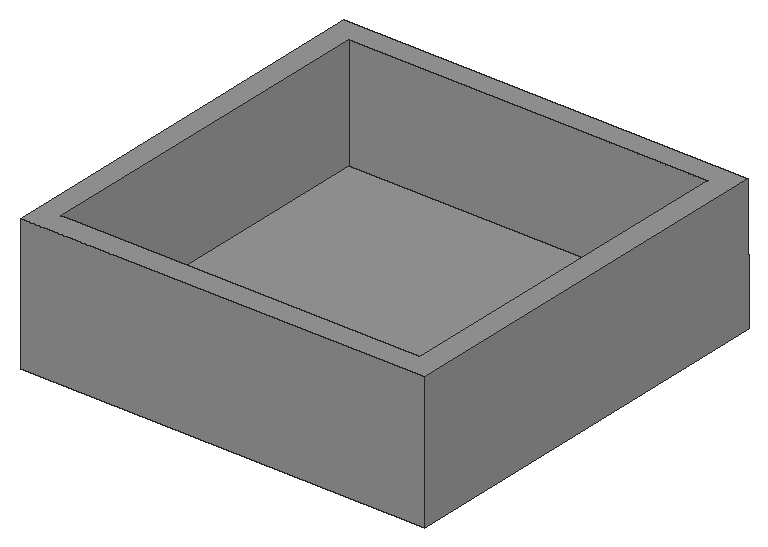
Revit family "Mop_Sink-Willoughby-CWMS-363612", category Plumbing Fixtures, Revit 2015
Parameters (values of type "363612")
  Width = 3' - 0"
  Waste DIA = 1 1/2"
  Waste Connection = yes
  Void Width/Depth = Width - 0' 4"  # 2' - 8"
  Void Height = Height - 0' 0 3/16"  # 0' - 11 13/16"
  Vent Connection = no
  URL = "https://www.willoughby-ind.com/wp-content/uploads/2018/01/CWMS.pdf"
  Revision = "A"
  Model = "CWMS-363612"
  Manufacturer = "Willoughby Industries"
  Height = 1' - 0"
  HW Connection = no
  Fixture Body = Stainless Steel AISI 304-Willoughby
  Drain Depth = Depth / 2  # 1' - 6"
  Description = "Commercial Mop Sink, 36\" X 36\" X 12\""
  Depth = 3' - 0"
  Default Elevation = 0' - 0"
  Contact = "800-428-4065"
  CW Connection = no
Reference planes (in)
  plane 1 "Center (Front/Back) Floor Level": y = 0
  plane 2: z = 0
  plane 3 "Center (Left/Right)": x = 0
  plane 4 "Left Side": x = -18
  plane 5 "Right Side": x = 18
  plane 6 "Top Of Sink": y = 34
  plane 7 "Bottom Of Sink": y = 22
  plane 8 "Front of sink": z = 24
  plane 9 "Drain": z = 12
Forms (in)
  Extrusion 1, solid, material "Stainless Steel AISI 304-Willoughby" <- "Fixture Body"
    sketch origin (0, 38.25, -14.25) x (0, -1, 0) y (1, 0, 0)
      loop
        line (0, 18) -> (0, -18) -> (36, -18) -> (36, 18) -> (0, 18)
    from 0 to 12 <- "Height"
  Extrusion 2, void
    sketch origin (0, 38.25, 19.75) x (-1, 0, 0) y (0, -1, 0)
      loop
        line (-16, 2) -> (16, 2) -> (16, 34) -> (-16, 34) -> (-16, 2)
    from -32 to 11.8125 <- "Void Height"
  Revolve 3, solid, material "Stainless Steel AISI 304-Willoughby" <- "Fixture Body", detail levels fine
    sketch origin (0, 23.97274, -14.12145) x (0, 0, 1) y (0, -1, 0)
      loop
        line (-0.35714, 3.32674) -> (-0.12855, 3.32674) -> (-0.12855, 5.97274) -> (-0.34376, 5.97274)
        arc (-0.34376, 5.97274) -> (-0.69731, 5.82629) -> (-0.84376, 5.47274) r 0.5
        line (-0.84376, 5.47274) -> (-0.84376, 3.72274) -> (-3.85714, 3.72274) -> (-3.85714, 3.32674) -> (-0.35714, 3.32674)
      axis (-0.12855, 3.32674) -> (-3.85714, 3.32674)
    angle from 0 to 360
Cuts and joins
  Extrusion 2 cuts Extrusion 1
Lines and regions (in)
  symbolic lines
    curve 1: line (18, 22, 0) -> (-18, 22, 0)
    curve 2: line (-18, 22, 0) -> (-18, 34, 0)
    curve 3: line (-18, 34, 0) -> (18, 34, 0)
    curve 4: line (-18, 34, 24) -> (-18, 34, 0)
    curve 5: line (-18, 34, 0) -> (18, 34, 0)
    curve 6: line (18, 34, 0) -> (18, 34, 24)
    curve 7: line (18, 34, 24) -> (-18, 34, 24)
    curve 14: line (0, 34, 24) -> (0, 22, 24)
    curve 15: line (0, 22, 24) -> (0, 22, 0)
    curve 16: line (0, 22, 0) -> (0, 34, 0)
    curve 17: line (0, 34, 0) -> (0, 34, 24)
    curve 18: arc (0, 22, 15) -> (0, 21.65043, 14.8552) -> (0, 21.50563, 14.50563) r 0.49437
    curve 19: line (0, 21.50563, 14.50563) -> (0, 21.50563, 9.45539)
    curve 20: arc (0, 21.50563, 9.45539) -> (0, 21.66219, 9.1277) -> (0, 22, 8.99438) r 0.49627
    curve 21: line (0, 18.5, 11.25) -> (0, 21.50563, 11.25)
    curve 22: line (0, 18.5, 11.25) -> (0, 18.5, 12.75)
    curve 23: line (0, 18.5, 12.75) -> (0, 21.50563, 12.75)
    curve 24: line (18, 34, 0) -> (18, 22, 0)
  symbolic lines, detail levels medium+fine
    curve 8: line (-16, 34, 22) -> (-16, 34, 2)
    curve 9: line (-16, 34, 2) -> (16, 34, 2)
    curve 10: line (16, 34, 2) -> (16, 34, 22)
    curve 11: line (16, 34, 22) -> (-16, 34, 22)
  symbolic lines, detail levels fine
    curve 12: circle (0, 34, 12) r 0.75 normal (0, 1, 0)
    curve 13: circle (0, 34, 12) r 3 normal (0, 1, 0)
Dimensions and locks (in)
  equal spacing: plane 4 "Left Side", plane 3 "Center (Left/Right)", plane 5 "Right Side"
  "Width": plane 4 "Left Side" to plane 5 "Right Side"
  "Height": plane 6 "Top Of Sink" to plane 7 "Bottom Of Sink"  (x2)
  locked: cut or joined group of Extrusion 1, Extrusion 2 to cut or joined group of Extrusion 1, Extrusion 2 at 2  (x2)
  "Void Width/Depth": Extrusion 2 sketch curve to Extrusion 2 sketch curve  (x2)
  "Depth": cut or joined group of Extrusion 1, Extrusion 2 to cut or joined group of Extrusion 1, Extrusion 2
  cut or joined group of Extrusion 1, Extrusion 2 to Revolve 3 sketch curve = 1' - 5.604"  (x2)
  "Drain Depth": cut or joined group of Extrusion 1, Extrusion 2 to Revolve 3 sketch curve
  aligned and locked: Extrusion 1 to plane 4 "Left Side"
  aligned and locked: Extrusion 1 to plane 5 "Right Side"
  aligned and locked: Revolve 3 sketch curve to Revolve 3 sketch curve  (x2)
Automatic sketch dimensions
  curve 1 to plane 4 "Left Side" = 0' - 0"
  curve 1 to plane 5 "Right Side" = 0' - 0"
  curve 2 to plane 6 "Top Of Sink" = 0' - 0"
  curve 18 to plane 7 "Bottom Of Sink" = 0' - 0"
  curve 17 to plane 6 "Top Of Sink" = 0' - 0"
  curve 17 to level = 0' - 0"
  curve 15 to plane 8 "Front of sink" = 0' - 0"
  curve 19 to plane 7 "Bottom Of Sink" = 0' - 0.49437"
  curve 21 to plane 9 "Drain" = 0' - 0 3/4"
  curve 21 to curve 21 = 0' - 3.00563"
  plane 7 "Bottom Of Sink" to curve 20 = 0' - 0.00064"
  curve 19 to curve 21 = 0' - 1.79461"
  curve 20 to curve 20 = 0' - 0.03526"
  plane 9 "Drain" to curve 23 = 0' - 0 3/4"
  curve 23 to curve 18 = 0' - 1.75563"
  Extrusion 1 sketch curve to plane 5 "Right Side" = 0' - 0"
  Extrusion 1 sketch curve to plane 4 "Left Side" = 0' - 0"
  plane 6 "Top Of Sink" to Extrusion 1 sketch curve = 0' - 4 1/4"
  Extrusion 1 sketch curve to plane 7 "Bottom Of Sink" = 1' - 7 3/4"
  curve 12 to curve 13 = 0' - 0"  (x2)
  plane 5 "Right Side" to curve 6 = 0' - 0"
  curve 12 to plane 3 "Center (Left/Right)" = 0' - 0"
  curve 5 to level = 0' - 0"
  plane 4 "Left Side" to curve 5 = 0' - 0"
  curve 12 to plane 9 "Drain" = 0' - 0"
  curve 7 to plane 8 "Front of sink" = 0' - 0"
  plane 5 "Right Side" to curve 9 = 0' - 2"
  curve 11 to plane 4 "Left Side" = 0' - 2"
  level to curve 8 = 0' - 2"
  curve 11 to plane 8 "Front of sink" = 0' - 2"
  curve 2 to plane 7 "Bottom Of Sink" = 0' - 0"
  plane 5 "Right Side" to Extrusion 2 sketch curve = 0' - 2"
  plane 6 "Top Of Sink" to Extrusion 2 sketch curve = 0' - 2 1/4"
  Revolve 3 sketch curve to level = 1' - 5.97858"
  Revolve 3 sketch curve to Revolve 3 sketch curve = 0' - 3.01338"
  Revolve 3 sketch curve to Revolve 3 sketch curve = 0' - 0.48662"
  Revolve 3 sketch curve to Revolve 3 sketch curve = 0' - 0 1/2"
  Revolve 3 sketch curve to Revolve 3 sketch curve = 0' - 0.22858"
  Revolve 3 sketch curve to Revolve 3 sketch curve = 0' - 1 3/4"
  Revolve 3 sketch curve to Revolve 3 sketch curve = 0' - 0.02142"
  radius of curve 12 = 0' - 0 3/4"
  radius of curve 13 = 0' - 3"
